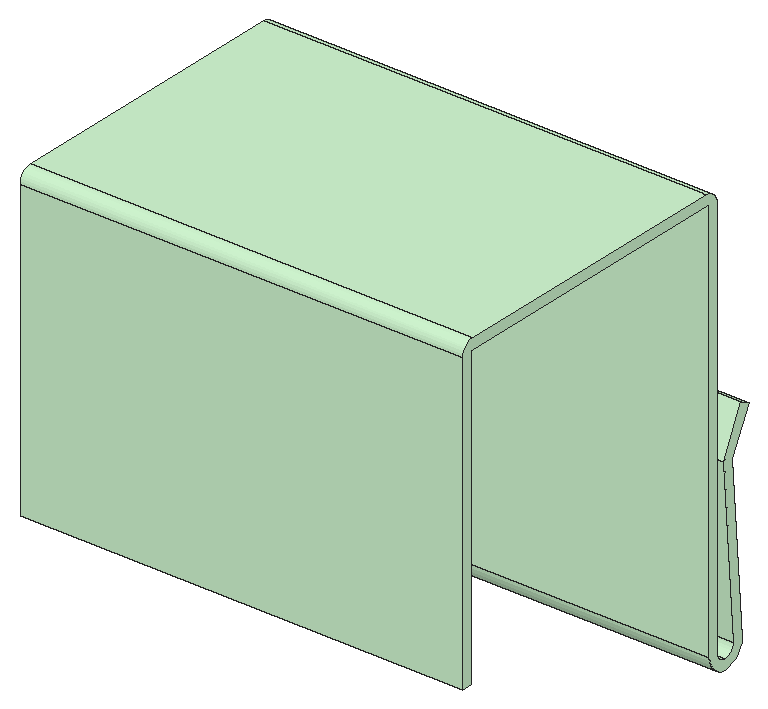
Revit family "sqspacer_w25", category 機械設備, Revit 2022
Family settings
  丸型コネクタ寸法 = 直径を使用
  種別 = なし
  パーツ タイプ = 標準
  作業面ベース = いいえ
  常に垂直 = はい
  ロード時にボイドで切り取り = いいえ
  注釈の向きを維持 = いいえ
  共有 = いいえ
  部屋計算ポイント = いいえ
Parameters
  製造元 = "株式会社桐井製作所"
  既定の高さ = 0 mm
  URL = "https://www.kirii.co.jp/"
  K_材質 = "溶融亜鉛めっき鋼板"
  K_品名 = "SQ-スペーサーW25"
  K_名称 = "SQ-BAR関連部材"
  K_入数 = "400"
  K_バージョン情報 = "20210524"
Reference planes
  plane 1 "中心(正面/背面)": y = 0
  plane 2: z = 0
  plane 3 "中心(左/右)": x = 0
Forms (mm)
  Extrusion 1, solid
    sketch origin (-17.5, 0, 0) x (0, 1, 0) y (0, 0, 1)
      loop
        line (-1.685, 34.5) -> (-24.785, 34.5)
        arc (-24.785, 34.5) -> (-25.494, 34.206) -> (-25.785, 33.496) r 1
        line (-25.785, 33.496) -> (-25.785, 10) -> (-24.985, 10) -> (-24.985, 33.7) -> (-1.485, 33.7) -> (-1.485, 1.6)
        arc (-1.485, 1.6) -> (-0.957, 0.494) -> (0.165, 0) r 1.763
        arc (0.165, 0) -> (1.286, 0.494) -> (1.815, 1.6) r 1.763
        line (1.815, 1.6) -> (0.815, 14.7) -> (2.436, 17.942) -> (1.72, 18.3) -> (0, 14.86) -> (1.013, 1.588)
        arc (1.013, 1.588) -> (0.733, 1.039) -> (0.165, 0.8) r 0.897
        arc (0.165, 0.8) -> (-0.408, 1.043) -> (-0.685, 1.6) r 0.897
        line (-0.685, 1.6) -> (-0.685, 33.5)
        arc (-0.685, 33.5) -> (-0.978, 34.207) -> (-1.685, 34.5) r 1
    from 0 to 35
Dimensions and locks
  aligned and locked: level to plane 2
